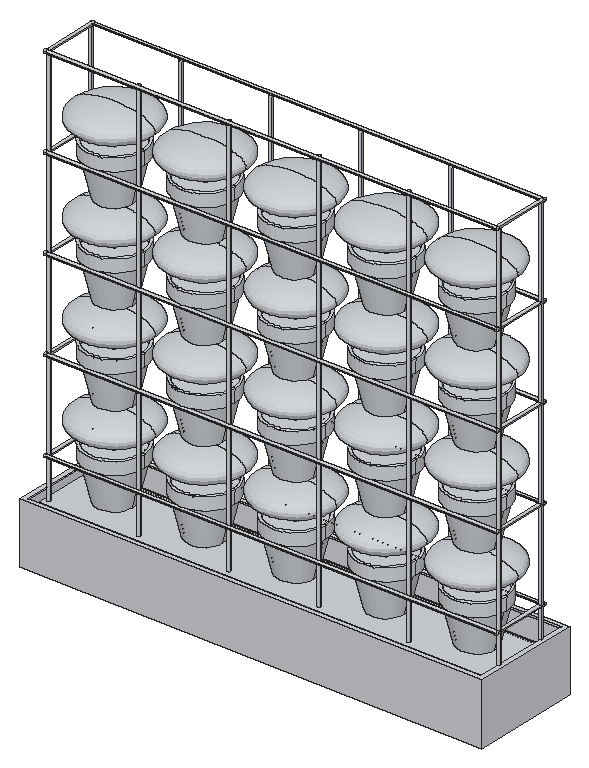
Revit family "Vertical_Garden_Wall_9342", category Generic Models, Revit 2010
Parameters (values of type "1000mm H x 1000mm W")
  Width_Base = Depth + 86 mm  # 221 mm
  Type Comments = ""
  Supplier Contact No = ""
  Supplier Contact Name = ""
  Supplier Contact Email = ""
  Radius_Rod = 3.3 mm
  QA Date = ""
  QA By = ""
  Plants = yes
  Offset_Rod = Radius_Rod * 2  # 6.6 mm
  No Of Vertical Bays = 5
  No Of Pots = No Of Vertical Bays - 1  # 4
  No Of Columns Pots [instance] = No Of Columns  # 5
  No Of Columns = 5
  Modelled Office = "GHD Perth"
  Modelled Date = "June 2010"
  Modelled By = "Daniel Moodie"
  Model = "Vertical Garden"
  Manufacturer = "Schiavello"
  Length_Column Bays = 200 mm
  Length [instance] = Length_Column Bays * No Of Columns  # 1000 mm
  Height_Vertical Rods [instance] = Height - Height_Base Centre Support  # 890 mm
  Height_Bays = 200 mm
  Height_Bay Above Base = 65 mm
  Height_Base Centre Support = 110 mm
  Height [instance] = Height_Bays * No Of Vertical Bays  # 1000 mm
  Finish_Soil = none
  Finish_Pot = none
  Finish_Plant Stem = none
  Finish_Plant = none
  Finish_Base = none
  Finish = none
  Description = "Metal Screening Plant Wall"
  Depth_Rod Side = Depth - 2 * Radius_Rod  # 128.4 mm
  Depth = 135 mm
  Array_Vertical [instance] = No Of Vertical Bays  # 5
  Array_Column Bays [instance] = No Of Columns + 1  # 6
Types (4, lengths in mm): name | No Of Vertical Bays | No Of Pots | Manufacturer | Height_Vertical Rods | Height | Description | Array_Vertical
  (no name) | 5 | 4 | "Schiavello" | 890 | 1000 | "Metal Screening Plant Wall" | 5
  1000mm H x 1000mm W | 5 | 4 | "Schiavello" | 890 | 1000 | "Metal Screening Plant Wall" | 5
  2000mm H x 1000mm W | 10 | 9 | "Schaivello" | 1890 | 2000 | "2000mm H x 1000mm W" | 10
  3000mm H x 1000mm W | 15 | 14 | "Schiavello" | 2890 | 3000 | "3000mm H x 1000mm W" | 15
Reference planes
  plane 1 "Center (Front/Back)": y = 3.3
  plane 2: z = 0
  plane 3 "Center (Left/Right)": x = -0.05
  plane 4: y = -125.1
  plane 5: x = 999.95
  plane 6: z = 1000
  plane 7: y = -3.3
  plane 8: y = -118.5
  plane 9: x = 3.25
  plane 10: x = 996.65
  plane 11: y = 6.6
  plane 12: y = -128.4
  plane 13: z = 1003.3
  plane 14: z = 3.3
  plane 15: z = 200
  plane 16: x = 99.95
  plane 17: z = 203.3
  plane 18: y = -60.9
  plane 19: z = 110
  plane 20: z = 113.3
  plane 21: z = 135
  plane 22: x = 899.95
Forms (mm)
  Extrusion 1, solid, material <- "Finish_Base", detail levels coarse
    sketch origin (-0.05, 0, 0) x (0, 1, 0) y (0, 0, 1)
      loop
        line (59.6, 135) -> (-181.4, 135) -> (-181.4, 0) -> (59.6, 0) -> (59.6, 135)
    from -10 to 1010
  Extrusion 2, solid, material <- "Finish", detail levels coarse
    sketch origin (0, 0, 0) x (1, 0, 0) y (0, 1, 0)
      loop
        line (-0.05, 6.6) -> (-0.05, -128.4) -> (999.95, -128.4) -> (999.95, 6.6) -> (-0.05, 6.6)
    from 135 to 1003.3
Lines and regions (mm)
  reference lines
    curve 1: circle (-0.05, 3.3, 1000) r 3.3 normal (1, 0, 0)
    curve 2: circle (-0.05, -125.1, 1000) r 3.3 normal (1, 0, 0)
    curve 3: circle (3.25, -3.3, 0) r 3.3 normal (0, 0, 1)
    curve 4: circle (3.25, -118.5, 0) r 3.3 normal (0, 0, 1)
    curve 5: circle (3.25, 3.3, 1000) r 3.3 normal (0, -1, 0)
    curve 6: circle (996.65, -3.3, 0) r 3.3 normal (0, 0, 1)
    curve 7: circle (996.65, -118.5, 0) r 3.3 normal (0, 0, 1)
    curve 8: circle (996.65, 3.3, 1000) r 3.3 normal (0, -1, 0)
    curve 9: circle (-0.05, 3.3, 200) r 3.3 normal (1, 0, 0)
    curve 10: circle (-0.05, -125.1, 200) r 3.3 normal (1, 0, 0)
Dimensions and locks
  "Length": plane 3 "Center (Left/Right)" to plane 5
  "Height": plane 6 to level
  "Radius_Rod": plane 3 "Center (Left/Right)" to plane 9
  "Radius_Rod": plane 10 to plane 5
  "Offset_Rod": plane 7 to plane 1 "Center (Front/Back)"
  "Offset_Rod": plane 4 to plane 8
  "Radius_Rod": plane 1 "Center (Front/Back)" to plane 11
  "Depth": plane 12 to plane 11
  "Radius_Rod": plane 13 to plane 6
  "Radius_Rod": plane 14 to level
  "Height_Bay Above Base": plane 15 to plane 21
  equal spacing: group 1, group 3, group 4, group 5, group 2  (x3)
  equal spacing: group 6, group 8, group 9, group 10, group 7  (x3)
  "Radius_Rod": plane 4 to plane 12
  equal spacing: group 11, group 13, group 14, group 15, group 12  (x3)
  equal spacing: group 16, group 18, group 19, group 20, group 17  (x3)
  locked: plane 3 "Center (Left/Right)" to plane 16 at 100
  "Radius_Rod": plane 17 to plane 15
  equal spacing: group 21, group 22, group 23, group 24  (x3)
  equal spacing: plane 12, plane 18, plane 11
  "Height_Base Centre Support": plane 19 to level
  "Radius_Rod": plane 19 to plane 20
  plane 21 to level = 135 mm
  equal spacing: group 26, group 28, group 29, group 45, group 46, group 27  (x3)
  equal spacing: group 30, group 32, group 33, group 47, group 48, group 31  (x3)
  equal spacing: group 35, group 36, group 37, group 38  (x3)
  equal spacing: group 34, group 44, group 53, group 58, group 39  (x3)
  locked: plane 22 to plane 5 at 100
  equal spacing: group 40, group 41, group 42, group 43  (x3)
  equal spacing: group 49, group 50, group 51, group 52  (x3)
  equal spacing: group 54, group 55, group 56, group 57  (x3)
  "Radius_Rod": radius of curve 1
  "Radius_Rod": radius of curve 2
  "Radius_Rod": radius of curve 3
  "Radius_Rod": radius of curve 4
  "Radius_Rod": radius of curve 5
  "Radius_Rod": radius of curve 7
  "Radius_Rod": radius of curve 6
  "Radius_Rod": radius of curve 8
  "Radius_Rod": radius of curve 9
  "Radius_Rod": radius of curve 10
  aligned and locked: plane 4 to nested 1
  aligned and locked: plane 15 to nested 1
  aligned and locked: nested 1 to plane 3 "Center (Left/Right)"
  aligned and locked: plane 6 to nested 2
  aligned and locked: curve 2 to plane 3 "Center (Left/Right)"
  aligned and locked: nested 2 to plane 3 "Center (Left/Right)"
  aligned and locked: nested 6 to plane 3 "Center (Left/Right)"
  aligned and locked: plane 1 "Center (Front/Back)" to nested 6
  aligned and locked: plane 15 to nested 6
  aligned and locked: plane 6 to nested 7
  aligned and locked: plane 1 "Center (Front/Back)" to nested 7
  aligned and locked: plane 4 to nested 2
  aligned and locked: plane 4 to nested 11
  aligned and locked: plane 9 to nested 11
  aligned and locked: plane 15 to nested 11
  aligned and locked: plane 6 to nested 12
  aligned and locked: plane 4 to nested 12
  aligned and locked: plane 4 to nested 16
  aligned and locked: plane 10 to nested 16
  aligned and locked: nested 16 to plane 15
  aligned and locked: plane 6 to nested 17
  aligned and locked: plane 4 to nested 17
  aligned and locked: plane 10 to nested 17
  aligned and locked: plane 16 to nested 21
  aligned and locked: plane 17 to nested 21
  aligned and locked: nested 26 to plane 18
  aligned and locked: plane 3 "Center (Left/Right)" to nested 26
  aligned and locked: plane 8 to nested 27
  aligned and locked: plane 9 to nested 27
  aligned and locked: nested 27 to plane 19
  aligned and locked: plane 7 to nested 28
  aligned and locked: plane 9 to nested 28
  aligned and locked: nested 28 to plane 19
  aligned and locked: plane 10 to nested 29
  aligned and locked: plane 10 to nested 32
  aligned and locked: plane 7 to nested 32
  aligned and locked: plane 22 to nested 35
  aligned and locked: plane 22 to nested 36
  aligned and locked: plane 22 to nested 37
  aligned and locked: plane 22 to nested 38
  aligned and locked: nested 26 to Extrusion 1 sketch curve
  aligned and locked: Extrusion 1 sketch curve to nested 26  (x3)
  aligned and locked: Extrusion 1 to nested 26  (x2)
  aligned and locked: Extrusion 2 sketch curve to plane 3 "Center (Left/Right)"
  aligned and locked: Extrusion 2 sketch curve to plane 11
  aligned and locked: Extrusion 2 sketch curve to plane 12
  aligned and locked: Extrusion 2 sketch curve to plane 5
  aligned and locked: Extrusion 2 to plane 13
  aligned and locked: Extrusion 2 to plane 21
Automatic sketch dimensions
  plane 8 to curve 4 = 0 mm
  curve 4 to plane 9 = 0 mm
  plane 7 to curve 3 = 0 mm
  curve 3 to plane 9 = 0 mm
  plane 8 to curve 7 = 0 mm
  curve 7 to plane 10 = 0 mm
  plane 7 to curve 6 = 0 mm
  curve 6 to plane 10 = 0 mm
  curve 5 to plane 6 = 0 mm
  curve 5 to plane 9 = 0 mm
  curve 8 to plane 6 = 0 mm
  curve 8 to plane 10 = 0 mm
  curve 2 to plane 4 = 0 mm
  curve 10 to plane 4 = 0 mm
  curve 9 to plane 1 "Center (Front/Back)" = 0 mm
  curve 1 to plane 1 "Center (Front/Back)" = 0 mm
  curve 9 to plane 15 = 0 mm
  curve 10 to plane 15 = 0 mm
  curve 2 to plane 6 = 0 mm
  curve 1 to plane 6 = 0 mm
Nested families
  nested 1: "Rod_Horizontal Front" at (999.95, -125.1, 200) x (0, 1, 0) z (0, 0, 1), type "Rod_Horizontal Front", detail levels medium+fine
    with Length_Rod 1000 mm
  nested 2: "Rod_Horizontal Front" at (999.95, -125.1, 1000) x (0, 1, 0) z (0, 0, 1), type "Rod_Horizontal Front", detail levels medium+fine
    with Length_Rod 1000 mm
  nested 3: "Rod_Horizontal Front" at (999.95, -125.1, 400) x (0, 1, 0) z (0, 0, 1), type "Rod_Horizontal Front", detail levels medium+fine
    with Length_Rod 1000 mm
  nested 4: "Rod_Horizontal Front" at (999.95, -125.1, 600) x (0, 1, 0) z (0, 0, 1), type "Rod_Horizontal Front", detail levels medium+fine
    with Length_Rod 1000 mm
  nested 5: "Rod_Horizontal Front" at (999.95, -125.1, 800) x (0, 1, 0) z (0, 0, 1), type "Rod_Horizontal Front", detail levels medium+fine
    with Length_Rod 1000 mm
  nested 6: "Rod_Horizontal Front" at (-0.05, 3.3, 200) x (0, -1, 0) z (0, 0, 1), type "Rod_Horizontal Front", detail levels medium+fine
    with Length_Rod 1000 mm
  nested 7: "Rod_Horizontal Front" at (-0.05, 3.3, 1000) x (0, -1, 0) z (0, 0, 1), type "Rod_Horizontal Front", detail levels medium+fine
    with Length_Rod 1000 mm
  nested 8: "Rod_Horizontal Front" at (-0.05, 3.3, 400) x (0, -1, 0) z (0, 0, 1), type "Rod_Horizontal Front", detail levels medium+fine
    with Length_Rod 1000 mm
  nested 9: "Rod_Horizontal Front" at (-0.05, 3.3, 600) x (0, -1, 0) z (0, 0, 1), type "Rod_Horizontal Front", detail levels medium+fine
    with Length_Rod 1000 mm
  nested 10: "Rod_Horizontal Front" at (-0.05, 3.3, 800) x (0, -1, 0) z (0, 0, 1), type "Rod_Horizontal Front", detail levels medium+fine
    with Length_Rod 1000 mm
  nested 11: "Rod_Horizontal Side" at (3.25, -119.661, 200) x (0, 1, 0) z (0, 0, 1), type "Rod_Horizontal Side", detail levels medium+fine
    with Depth_Rod 128.4 mm
  nested 12: "Rod_Horizontal Side" at (3.25, -119.661, 1000) x (0, 1, 0) z (0, 0, 1), type "Rod_Horizontal Side", detail levels medium+fine
    with Depth_Rod 128.4 mm
  nested 13: "Rod_Horizontal Side" at (3.25, -119.661, 400) x (0, 1, 0) z (0, 0, 1), type "Rod_Horizontal Side", detail levels medium+fine
    with Depth_Rod 128.4 mm
  nested 14: "Rod_Horizontal Side" at (3.25, -119.661, 600) x (0, 1, 0) z (0, 0, 1), type "Rod_Horizontal Side", detail levels medium+fine
    with Depth_Rod 128.4 mm
  nested 15: "Rod_Horizontal Side" at (3.25, -119.661, 800) x (0, 1, 0) z (0, 0, 1), type "Rod_Horizontal Side", detail levels medium+fine
    with Depth_Rod 128.4 mm
  nested 16: "Rod_Horizontal Side" at (996.65, -119.661, 200) x (0, 1, 0) z (0, 0, 1), type "Rod_Horizontal Side", detail levels medium+fine
    with Depth_Rod 128.4 mm
  nested 17: "Rod_Horizontal Side" at (996.65, -119.661, 1000) x (0, 1, 0) z (0, 0, 1), type "Rod_Horizontal Side", detail levels medium+fine
    with Depth_Rod 128.4 mm
  nested 18: "Rod_Horizontal Side" at (996.65, -119.661, 400) x (0, 1, 0) z (0, 0, 1), type "Rod_Horizontal Side", detail levels medium+fine
    with Depth_Rod 128.4 mm
  nested 19: "Rod_Horizontal Side" at (996.65, -119.661, 600) x (0, 1, 0) z (0, 0, 1), type "Rod_Horizontal Side", detail levels medium+fine
    with Depth_Rod 128.4 mm
  nested 20: "Rod_Horizontal Side" at (996.65, -119.661, 800) x (0, 1, 0) z (0, 0, 1), type "Rod_Horizontal Side", detail levels medium+fine
    with Depth_Rod 128.4 mm
  nested 21: "Plant_Pot -Para-" at (99.95, -58.3, 116.3), type "Plant_Pot -Para-", detail levels medium+fine
  nested 22: "Plant_Pot -Para-" at (99.95, -58.3, 316.3), type "Plant_Pot -Para-", detail levels medium+fine
  nested 23: "Plant_Pot -Para-" at (99.95, -58.3, 516.3), type "Plant_Pot -Para-", detail levels medium+fine
  nested 24: "Plant_Pot -Para-" at (99.95, -58.3, 716.3), type "Plant_Pot -Para-", detail levels medium+fine
  nested 25: "Plant_Pot -Para-" at (99.95, -58.3, 116.3), type "Plant_Pot -Para-", not visible, detail levels medium+fine
  nested 26: "Base" at (-0.05, 49.6, 0), type "Base", detail levels medium+fine
    with Width_OA 221 mm, Length 1000 mm
  nested 27: "Rod_Vertical" at (3.25, -118.5, 110), type "Rod_Vertical", detail levels medium+fine
    with Rod 3.3 mm, Height_Rod 890 mm
  nested 28: "Rod_Vertical" at (3.25, -3.3, 110), type "Rod_Vertical", detail levels medium+fine
    with Rod 3.3 mm, Height_Rod 890 mm
  nested 29: "Rod_Vertical" at (996.65, -118.5, 110), type "Rod_Vertical", detail levels medium+fine
    with Rod 3.3 mm, Height_Rod 890 mm
  nested 30: "Rod_Vertical" at (201.93, -118.5, 110), type "Rod_Vertical", detail levels medium+fine
    with Rod 3.3 mm, Height_Rod 890 mm
  nested 31: "Rod_Vertical" at (400.61, -118.5, 110), type "Rod_Vertical", detail levels medium+fine
    with Rod 3.3 mm, Height_Rod 890 mm
  nested 32: "Rod_Vertical" at (996.65, -3.3, 110), type "Rod_Vertical", detail levels medium+fine
    with Rod 3.3 mm, Height_Rod 890 mm
  nested 33: "Rod_Vertical" at (201.93, -3.3, 110), type "Rod_Vertical", detail levels medium+fine
    with Rod 3.3 mm, Height_Rod 890 mm
  nested 34: "Rod_Vertical" at (400.61, -3.3, 110), type "Rod_Vertical", detail levels medium+fine
    with Rod 3.3 mm, Height_Rod 890 mm
  nested 35: "Plant_Pot -Para-" at (899.95, -58.3, 116.3), type "Plant_Pot -Para-", detail levels medium+fine
  nested 36: "Plant_Pot -Para-" at (899.95, -58.3, 316.3), type "Plant_Pot -Para-", detail levels medium+fine
  nested 37: "Plant_Pot -Para-" at (899.95, -58.3, 516.3), type "Plant_Pot -Para-", detail levels medium+fine
  nested 38: "Plant_Pot -Para-" at (899.95, -58.3, 716.3), type "Plant_Pot -Para-", detail levels medium+fine
  nested 39: "Plant_Pot -Para-" at (299.95, -58.3, 116.3), type "Plant_Pot -Para-", detail levels medium+fine
  nested 40: "Plant_Pot -Para-" at (299.95, -58.3, 316.3), type "Plant_Pot -Para-", detail levels medium+fine
  nested 41: "Plant_Pot -Para-" at (299.95, -58.3, 516.3), type "Plant_Pot -Para-", detail levels medium+fine
  nested 42: "Plant_Pot -Para-" at (299.95, -58.3, 716.3), type "Plant_Pot -Para-", detail levels medium+fine
  nested 43: "Rod_Vertical" at (599.29, -118.5, 110), type "Rod_Vertical", detail levels medium+fine
    with Rod 3.3 mm, Height_Rod 890 mm
  nested 44: "Rod_Vertical" at (797.97, -118.5, 110), type "Rod_Vertical", detail levels medium+fine
    with Rod 3.3 mm, Height_Rod 890 mm
  nested 45: "Rod_Vertical" at (599.29, -3.3, 110), type "Rod_Vertical", detail levels medium+fine
    with Rod 3.3 mm, Height_Rod 890 mm
  nested 46: "Rod_Vertical" at (797.97, -3.3, 110), type "Rod_Vertical", detail levels medium+fine
    with Rod 3.3 mm, Height_Rod 890 mm
  nested 47: "Plant_Pot -Para-" at (499.95, -58.3, 116.3), type "Plant_Pot -Para-", detail levels medium+fine
  nested 48: "Plant_Pot -Para-" at (499.95, -58.3, 316.3), type "Plant_Pot -Para-", detail levels medium+fine
  nested 49: "Plant_Pot -Para-" at (499.95, -58.3, 516.3), type "Plant_Pot -Para-", detail levels medium+fine
  nested 50: "Plant_Pot -Para-" at (499.95, -58.3, 716.3), type "Plant_Pot -Para-", detail levels medium+fine
  nested 51: "Plant_Pot -Para-" at (699.95, -58.3, 116.3), type "Plant_Pot -Para-", detail levels medium+fine
  nested 52: "Plant_Pot -Para-" at (699.95, -58.3, 316.3), type "Plant_Pot -Para-", detail levels medium+fine
  nested 53: "Plant_Pot -Para-" at (699.95, -58.3, 516.3), type "Plant_Pot -Para-", detail levels medium+fine
  nested 54: "Plant_Pot -Para-" at (699.95, -58.3, 716.3), type "Plant_Pot -Para-", detail levels medium+fine
Definition of nested family "Rod_Horizontal Front"
  Parameters (values of type "Rod_Horizontal Front")
    Rod = 3.3 mm
    Length_Rod = 247.8 mm
    Finish = none
  Reference planes
    plane 1 "Center (Front/Back)": y = 0
    plane 2: z = 0
    plane 3 "Center (Left/Right)": x = 0
    plane 4: y = 247.8
  Forms (mm)
    Extrusion 1, solid, material <- "Finish"
      sketch origin (0, 0, 0) x (1, 0, 0) y (0, 0, 1)
        loop
          circle (0, 0) r 3.3
      from 0 to -247.8
  Lines and regions (mm)
    reference lines
      curve 1: circle (0, 0, 0) r 3.3 normal (0, -1, 0)
  Dimensions and locks
    "Length_Rod": plane 4 to plane 1 "Center (Front/Back)"
    "Rod": radius of curve 1
    aligned and locked: Extrusion 1 sketch curve to curve 1
    aligned and locked: plane 4 to Extrusion 1
  Automatic sketch dimensions
    curve 1 to level = 0 mm
    curve 1 to plane 3 "Center (Left/Right)" = 0 mm
Definition of nested family "Rod_Horizontal Side"
  Parameters (values of type "Rod_Horizontal Side")
    Rod = 3.3 mm
    Depth_Rod = 247.8 mm
    Finish = none
  Reference planes
    plane 1 "Center (Front/Back)": y = 0
    plane 2: z = 0
    plane 3 "Center (Left/Right)": x = -5.439
    plane 4: x = 242.361
  Forms (mm)
    Extrusion 1, solid, material <- "Finish"
      sketch origin (-5.439, 0, 0) x (0, 1, 0) y (0, 0, 1)
        loop
          circle (0, 0) r 3.3
      from 0 to 247.8
  Lines and regions (mm)
    reference lines
      curve 1: circle (-5.439, 0, 0) r 3.3 normal (1, 0, 0)
  Dimensions and locks
    "Depth_Rod": plane 3 "Center (Left/Right)" to plane 4
    "Rod": radius of curve 1
    aligned and locked: Extrusion 1 sketch curve to curve 1
    aligned and locked: plane 4 to Extrusion 1
    aligned and locked: Extrusion 1 to plane 3 "Center (Left/Right)"
  Automatic sketch dimensions
    curve 1 to level = 0 mm
    curve 1 to plane 1 "Center (Front/Back)" = 0 mm
Definition of nested family "Plant_Pot -Para-"
  Parameters (values of type "Plant_Pot -Para-")
    Thickness_Wall Top = Radius_Top - 5 mm  # 61 mm
    Thickness_Wall Base = Radius_Base - 5 mm  # 35 mm
    Thickness_Base = 5 mm
    Radius_Top = 66 mm
    Radius_Base = 40 mm
    Plants = yes
    Height_Lip = 28 mm
    Height = 115 mm
    Finish_Soil = none
    Finish_Plant Stem = none
    Finish_Plant = none
    Finish = none
    Assembly Code = ""
  Reference planes
    plane 1 "Center (Front/Back)": y = 0
    plane 2: z = 0
    plane 3 "Center (Left/Right)": x = 0
    plane 4 "Top": z = 115
    plane 5: z = 87
    plane 6: x = -66
    plane 7: x = -40
    plane 8: z = 5
    plane 9: x = -61
    plane 10: x = -35
    plane 11: z = 92
    plane 12: z = 102
    plane 13: z = 160
    plane 14: x = -90
    plane 15: z = 130
  Forms (mm)
    Revolve 1, solid, material <- "Finish"
      sketch origin (0, 0, 0) x (1, 0, 0) y (0, 0, 1)
        loop
          line (-66, 114.205) -> (-66, 87) -> (-61, 87) -> (-40, 0) -> (0, 0) -> (0, 5) -> (-35, 5) -> (-54.929, 92) -> (-61, 92) -> (-61, 114.205)
          arc (-61, 114.205) -> (-63.5, 115) -> (-66, 114.205) r 4.33
        axis (0, 114.205) -> (0, 0)
      angle from 0 to 360
    Extrusion 2, solid, material <- "Finish_Plant Stem", visible <- "Plants"
      sketch origin (0, 0, 0) x (1, 0, 0) y (0, 1, 0)
        loop
          circle (0, 0) r 3
      from 102 to 130
    Extrusion 3, solid, material <- "Finish_Soil", visible <- "Plants"
      sketch origin (0, 0, 0) x (1, 0, 0) y (0, 1, 0)
        loop
          circle (0, 0) r 61
      from 92 to 102
    Revolve 4, solid, material <- "Finish_Plant", visible <- "Plants"
      sketch origin (0, 0, 0) x (1, 0, 0) y (0, 0, 1)
        loop
          spline (0, 190) -> (-23.294, 188.978) -> (-45, 185.981) -> (-63.64, 181.213) -> (-77.942, 175) -> (-86.933, 167.765) -> (-90, 160) -> (-86.933, 152.235) -> (-77.942, 145) -> (-63.64, 138.787) -> (-45, 134.019) -> (-23.294, 131.022) -> (0, 130)
          line (0, 130) -> (0, 190)
        axis (0, 190) -> (0, 130)
      angle from 0 to 360
  Lines and regions (mm)
    reference lines
      curve 1: circle (0, 0, 0) r 40 normal (0, 0, 1)
      curve 2: circle (0, 0, 115) r 66 normal (0, 0, 1)
      curve 3: circle (0, 0, 115) r 61 normal (0, 0, 1)
      curve 4: circle (0, 0, 115) r 35 normal (0, 0, 1)
      curve 5: circle (0, 0, 0) r 3 normal (0, 0, 1)
  Dimensions and locks
    "Height": plane 4 "Top" to level
    "Height_Lip": plane 4 "Top" to plane 5
    "Radius_Top": plane 3 "Center (Left/Right)" to plane 6
    "Radius_Base": plane 7 to plane 3 "Center (Left/Right)"
    "Thickness_Base": plane 8 to level
    "Thickness_Wall Top": plane 3 "Center (Left/Right)" to plane 9
    "Thickness_Wall Base": plane 3 "Center (Left/Right)" to plane 10
    "Thickness_Base": plane 11 to plane 5
    plane 12 to plane 11 = 10 mm
    plane 3 "Center (Left/Right)" to plane 14 = 90 mm
    plane 13 to plane 4 "Top" = 45 mm
    plane 13 to plane 15 = 30 mm
    "Radius_Base": radius of curve 1
    "Radius_Top": radius of curve 2
    "Thickness_Wall Top": radius of curve 3
    "Thickness_Wall Base": radius of curve 4
    aligned and locked: Revolve 1 sketch curve to plane 3 "Center (Left/Right)"
    aligned and locked: Revolve 1 sketch curve to plane 11
    aligned and locked: Revolve 1 sketch curve to plane 5
    aligned and locked: Revolve 1 sketch curve to plane 6
    aligned and locked: Revolve 1 sketch curve to plane 9
    aligned and locked: plane 8 to Revolve 1 sketch curve
    aligned and locked: Revolve 1 sketch curve to level
    aligned and locked: Extrusion 2 sketch curve to curve 5
    aligned: Extrusion 2 to plane 8
    aligned: Extrusion 2 to plane 11
    aligned and locked: Extrusion 3 sketch curve to curve 3
    aligned and locked: Extrusion 3 to plane 11
    aligned and locked: plane 12 to Extrusion 3
    aligned and locked: Extrusion 2 to plane 12
    aligned and locked: Revolve 4 sketch curve to plane 3 "Center (Left/Right)"
    aligned and locked: plane 15 to Extrusion 2
  Automatic sketch dimensions
    plane 1 "Center (Front/Back)" to curve 2 = 0 mm
    curve 2 to plane 3 "Center (Left/Right)" = 0 mm
    curve 2 to curve 3 = 0 mm  (x2)
    curve 2 to curve 4 = 0 mm  (x2)
    Revolve 1 sketch curve to plane 9 = 0 mm
    plane 7 to Revolve 1 sketch curve = 0 mm
    Revolve 1 sketch curve to plane 10 = 0 mm
    Revolve 1 sketch curve to plane 3 "Center (Left/Right)" = 0 mm
    plane 6 to Revolve 1 sketch curve = 2.5 mm
    Revolve 1 sketch curve to Revolve 1 sketch curve = 6.071 mm
    Revolve 1 sketch curve to level = 37.784 mm
    Revolve 1 sketch curve to plane 4 "Top" = 4.33 mm
    Revolve 1 sketch curve to plane 4 "Top" = 0.795 mm
    plane 4 "Top" to Revolve 1 sketch curve = 12.216 mm
    curve 1 to curve 5 = 0 mm  (x2)
    plane 1 "Center (Front/Back)" to curve 5 = 0 mm
    curve 5 to plane 3 "Center (Left/Right)" = 0 mm
    Revolve 4 sketch curve to plane 3 "Center (Left/Right)" = 0 mm
    Revolve 4 sketch curve to plane 15 = 0 mm
    Revolve 4 sketch curve to plane 13 = 0 mm
    Revolve 4 sketch curve to Revolve 4 sketch curve = 0 mm
    Revolve 4 sketch curve to Revolve 4 sketch curve = 1.143 mm
    radius of curve 5 = 3 mm
Definition of nested family "Base"
  Parameters (values of type "Base")
    Width_OA = 200 mm
    Width_Lip = 10 mm
    Thickness = 3 mm
    Length = 600 mm
    Height_OA = 135 mm
    Finish = none
  Reference planes
    plane 1 "Center (Front/Back)": y = 0
    plane 2: z = 0
    plane 3 "Center (Left/Right)": x = 0
    plane 4: x = 600
    plane 5: y = -210
    plane 6: y = 10
    plane 7: x = -10
    plane 8: x = 610
    plane 9: y = -200
    plane 10: z = 135
    plane 11: z = 132
    plane 12: x = -7
    plane 13: z = 3
    plane 14: x = 607
    plane 15: y = 7
    plane 16: y = -207
    plane 17: y = -100
    plane 18: y = -30
    plane 19: y = -170
    plane 20: y = -33
    plane 21: y = -167
    plane 22: z = 110
    plane 23: z = 107
  Forms (mm)
    Extrusion 1, solid, material <- "Finish"
      sketch origin (0, 0, 0) x (1, 0, 0) y (0, 1, 0)
        loop
          line (-10, 10) -> (-10, -210) -> (610, -210) -> (610, 10) -> (-10, 10)
      from 0 to 135
    Extrusion 2, void
      sketch origin (0, 0, 0) x (1, 0, 0) y (0, 1, 0)
        loop
          line (-7, 7) -> (-7, -207) -> (607, -207) -> (607, 7) -> (-7, 7)
      from 3 to 132
    Extrusion 3, void
      sketch origin (0, 0, 0) x (1, 0, 0) y (0, 1, 0)
        loop
          line (0, 0) -> (0, -200) -> (600, -200) -> (600, 0) -> (0, 0)
      from 132 to 135
    Extrusion 4, solid, material <- "Finish"
      sketch origin (0, 0, 0) x (0, 1, 0) y (0, 0, 1)
        loop
          arc (-30, 104) -> (-31.757, 108.243) -> (-36, 110) r 6
          line (-36, 110) -> (-163.874, 110)
          arc (-163.874, 110) -> (-168.206, 108.206) -> (-170, 103.874) r 6.126
          line (-170, 103.874) -> (-170, 0) -> (-167, 0) -> (-167, 104)
          arc (-167, 104) -> (-166.121, 106.121) -> (-164, 107) r 3
          line (-164, 107) -> (-36.135, 107)
          arc (-36.135, 107) -> (-33.918, 106.082) -> (-33, 103.865) r 3.135
          line (-33, 103.865) -> (-33, 0) -> (-30, 0) -> (-30, 104)
      from -7 to 607
  Cuts and joins
    Extrusion 2, Extrusion 3 cuts Extrusion 1
  Dimensions and locks
    "Width_Lip": plane 7 to plane 3 "Center (Left/Right)"
    "Width_Lip": plane 4 to plane 8
    "Width_Lip": plane 6 to plane 1 "Center (Front/Back)"
    "Width_Lip": plane 9 to plane 5
    "Length": plane 3 "Center (Left/Right)" to plane 4
    "Width_OA": plane 9 to plane 1 "Center (Front/Back)"
    "Height_OA": plane 10 to level
    "Thickness": plane 12 to plane 7
    "Thickness": plane 8 to plane 14
    "Thickness": plane 10 to plane 11
    "Thickness": plane 13 to level
    "Thickness": plane 16 to plane 5
    "Thickness": plane 6 to plane 15
    plane 10 to plane 22 = 25 mm
    "Thickness": plane 22 to plane 23
    plane 20 to plane 18 = 3 mm
    plane 19 to plane 21 = 3 mm
    equal spacing: plane 19, plane 17, plane 18
    equal spacing: plane 6, plane 17, plane 5
    aligned and locked: Extrusion 1 sketch curve to plane 6
    aligned and locked: Extrusion 1 sketch curve to plane 7
    aligned and locked: Extrusion 1 sketch curve to plane 5
    aligned and locked: Extrusion 1 sketch curve to plane 8
    aligned and locked: plane 10 to Extrusion 1
    aligned and locked: Extrusion 2 sketch curve to plane 12
    aligned and locked: Extrusion 2 sketch curve to plane 15
    aligned and locked: Extrusion 2 sketch curve to plane 16
    aligned and locked: Extrusion 2 sketch curve to plane 14
    aligned and locked: Extrusion 2 to plane 13
    aligned and locked: plane 11 to Extrusion 2
    aligned and locked: Extrusion 3 sketch curve to plane 3 "Center (Left/Right)"
    aligned and locked: Extrusion 3 sketch curve to plane 1 "Center (Front/Back)"
    aligned and locked: Extrusion 3 sketch curve to plane 9
    aligned and locked: Extrusion 3 sketch curve to plane 4
    aligned and locked: Extrusion 3 to plane 11
    aligned: Extrusion 1 to Extrusion 3
    aligned and locked: plane 10 to cut or joined group of Extrusion 1, Extrusion 2, Extrusion 3
    aligned and locked: plane 18 to Extrusion 4 sketch curve
    aligned and locked: plane 20 to Extrusion 4 sketch curve
    aligned and locked: plane 22 to Extrusion 4 sketch curve
    aligned and locked: plane 23 to Extrusion 4 sketch curve
    aligned and locked: plane 19 to Extrusion 4 sketch curve
    aligned and locked: plane 21 to Extrusion 4 sketch curve
    aligned and locked: level to Extrusion 4 sketch curve
    aligned and locked: Extrusion 4 to plane 12
    aligned and locked: plane 14 to Extrusion 4
  Automatic sketch dimensions
    Extrusion 4 sketch curve to level = 0 mm
    Extrusion 4 sketch curve to plane 21 = 3.126 mm
    Extrusion 4 sketch curve to Extrusion 4 sketch curve = 0.126 mm
    plane 20 to Extrusion 4 sketch curve = 3.135 mm
    plane 20 to Extrusion 4 sketch curve = 3 mm
Definition of nested family "Rod_Vertical"
  Parameters (values of type "Rod_Vertical")
    Rod = 3.25 mm
    Height_Rod = 247.791 mm
    Finish = none
  Reference planes
    plane 1 "Center (Front/Back)": y = 0
    plane 2: z = 0
    plane 3 "Center (Left/Right)": x = 0
    plane 4: z = 247.791
  Forms (mm)
    Extrusion 1, solid, material <- "Finish"
      sketch origin (0, 0, 0) x (1, 0, 0) y (0, 1, 0)
        loop
          circle (0, 0) r 3.25
      from 0 to 247.791
  Lines and regions (mm)
    reference lines
      curve 1: circle (0, 0, 0) r 3.25 normal (0, 0, 1)
  Dimensions and locks
    "Height_Rod": plane 4 to level
    "Rod": radius of curve 1
    aligned and locked: Extrusion 1 sketch curve to curve 1
    aligned and locked: plane 4 to Extrusion 1
  Automatic sketch dimensions
    plane 1 "Center (Front/Back)" to curve 1 = 0 mm
    curve 1 to plane 3 "Center (Left/Right)" = 0 mm
